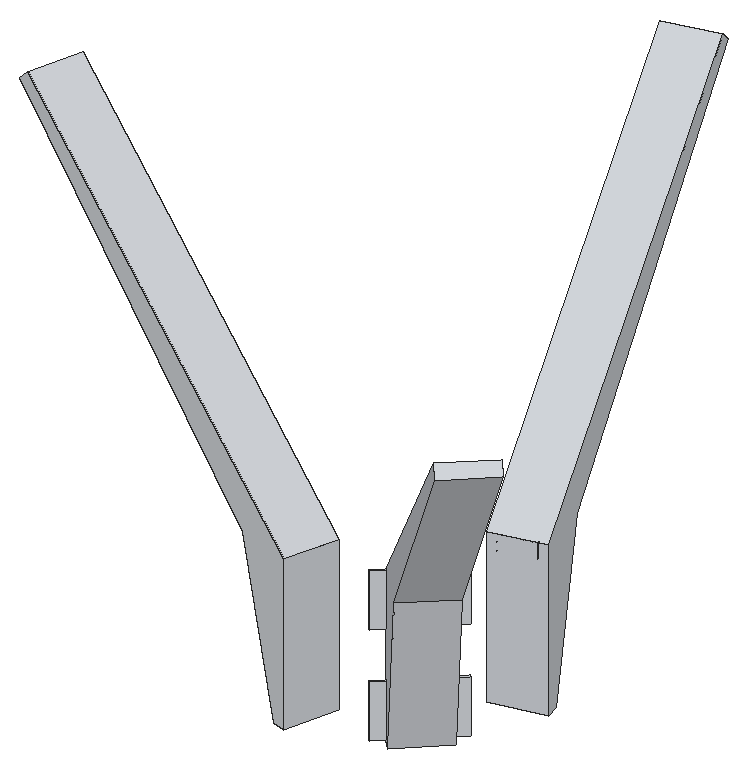
Revit family "Сборка насадок угол 120", category Специальное оборудование, Revit 2019
Family settings
  Размер круглого соединителя = Использовать диаметр
  Тип детали = Нормальный
  На основе рабочей плоскости = Нет
  Всегда вертикально = Да
  При загрузке вырезать с полостями = Нет
  Общий = Да
  Точка расчета площади = Нет
Parameters (values of type "На столбы 40x60")
  Ширина столба = 40 mm
  Центр насадки = Ширина столба / 2  # 20 mm
  Тип крепления насадок к столбам [instance] = 0
  Наружные насадки [instance] = yes
  Инструкция [instance] = "https://docs.google.com/document/d/1YU2zMc4EH5Wo240p8cADVhto8tMNmUbVgzn2qTnmTt8/edit?usp=sharing"
  Группа модели = "Насадки"  # constant formula
  Глубина столба = 60 mm
  ADSK_Наименование = "Сборка - угловые насадки"  # constant formula
Types (4, lengths in mm): name | Ширина столба | Центр насадки | Глубина столба
  На столбы 40x60 | 40 | 20 | 60
  На столбы 60x60 | 60 | 30 | 60
  На столбы 60x80 | 60 | 30 | 80
  На столбы 80x80 | 80 | 40 | 80
Reference planes
  plane 1 "По центру (Вперед/Назад)": y = 0
  plane 2: z = 0
  plane 3 "По центру (Влево/Вправо)": x = 0
  plane 4: z = 0
  plane 5: through (11.696, 108.597, 1200) normal (0.9659, 0.2588, 0)
  plane 6: through (-7.174, -38.872, 1200) normal (-0.2588, -0.9659, 0)
  plane 7: through (50.333, 118.949, 1200) normal (0.9659, 0.2588, 0)
  plane 8: through (5.76, 25.096, 1200) normal (-0.2588, 0.9659, 0)
  plane 9: through (-17.527, -77.509, 1200) normal (-0.2588, -0.9659, 0)
  plane 10: through (-25.096, -5.76, 1200) normal (0.9659, -0.2588, 0)
  plane 11: through (-9.769, 83.052, 1200) normal (-0.2588, 0.9659, 0)
  plane 12: through (-83.052, 9.769, 1200) normal (0.9659, -0.2588, 0)
Dimensions and locks
  "Ширина столба": plane 9 to plane 6
  "Глубина столба": plane 8 to plane 11
  "Ширина столба": plane 5 to plane 7
  "Центр насадки": plane 5 to nested 1
  "Центр насадки": plane 9 to nested 2
  "Центр насадки": nested 14 to plane 5
  "Глубина столба": plane 12 to plane 10
  angle nested 1 to nested 2 = 60.00°
  aligned and locked: level to plane 2
  aligned and locked: nested 4 to nested 2
  aligned and locked: nested 5 to nested 1
  aligned and locked: nested 5 to nested 8  (x2)
  aligned and locked: nested 8 to nested 9  (x2)
  aligned and locked: nested 4 to nested 7
  aligned and locked: nested 6 to nested 7  (x2)
  aligned and locked: nested 7 to nested 15
  aligned and locked: nested 8 to nested 14
  aligned and locked: nested 14 to nested 8  (x2)
  aligned and locked: nested 1 to plane 11
  aligned and locked: plane 12 to nested 2
  aligned and locked: plane 12 to nested 15
  aligned and locked: nested 14 to plane 11
  aligned and locked: nested 5 to plane 11
  aligned and locked: nested 9 to nested 8
  aligned and locked: nested 7 to nested 2
  aligned and locked: nested 15 to nested 2
Nested families
  nested 1: "В_Насадка L" at (35.963, 95.305, -175) x (0.9659, 0.2588, 0) z (0, 0, 1), visible <- "Наружные насадки", ADSK_Комплект <- "Группа модели", type "Насадка"
    with Насадка L ус 510 yes, ADSK_Обозначение "", ADSK_Наименование "Насадка L ус 510", ADSK_Масса 1.17, ADSK_Комплект "Насадки", ADSK_Код изделия "8928", ADSK_Завод-изготовитель "FENSYS", ADSK_Единица измерения "шт."
  nested 2: "В_Насадка L" at (-95.305, -35.963, -175) x (0.2588, 0.9659, 0) z (0, 0, 1), visible <- "Наружные насадки", ADSK_Комплект <- "Группа модели", type "Насадка"
    with Насадка L ус 510 yes, ADSK_Обозначение "", ADSK_Наименование "Насадка L ус 510", ADSK_Масса 1.17, ADSK_Комплект "Насадки", ADSK_Код изделия "8928", ADSK_Завод-изготовитель "FENSYS", ADSK_Единица измерения "шт."
  nested 3: "В_Угловая скоба" at (0.707, -0.707, 0) x (0.7071, 0.7071, 0) z (0, 0, 1), ADSK_Комплект <- "Группа модели", type "Угловая скоба"
    with S 91 mm, ADSK_Комплект "Насадки"
  nested 4: "В_Крепеж" at (-97.72, -35.316, -4.311) x (-0.2588, -0.9659, 0) z (0, 0, 1), Тип крепежа <- "Тип крепления насадок к столбам", visible <- "Наружные насадки", ADSK_Комплект <- "Группа модели", type "Крепеж"
    with Ширина столба 0 mm, Тип крепежа 0, Путь к таблице "Таблица крепежей", Видимость метизов yes, Y насадка no, ADSK_Обозначение "Крепеж", ADSK_Наименование "Хомут специальный 80", ADSK_Комплект "Насадки", ADSK_Количество 1, ADSK_Код изделия "15515К"
  nested 5: "В_Крепеж" at (35.316, 97.72, -4.311) x (-0.9659, -0.2588, 0) z (0, 0, 1), Тип крепежа <- "Тип крепления насадок к столбам", visible <- "Наружные насадки", ADSK_Комплект <- "Группа модели", type "Крепеж"
    with Ширина столба 0 mm, Тип крепежа 0, Путь к таблице "Таблица крепежей", Видимость метизов yes, Y насадка no, ADSK_Обозначение "Крепеж", ADSK_Наименование "Хомут специальный 80", ADSK_Комплект "Насадки", ADSK_Количество 1, ADSK_Код изделия "15515К"
  nested 6: "В_Крепеж" at (-107.379, -32.727, -4.311) x (-0.2588, -0.9659, 0) z (0, 0, 1), visible <- "Наружные насадки", ADSK_Комплект <- "Группа модели", type "Крепеж"
    with Ширина столба 0 mm, Тип крепежа 5, Путь к таблице "Таблица крепежей", Видимость метизов no, Y насадка no, ADSK_Обозначение "Крепеж", ADSK_Наименование "Комплект крепления СББ/ПББ к насадке (Болт М6х25 DIN 933 оц - 4 шт., Зажим для крепления струны/проволоки - 4 шт., Шайба D6 DIN 125 оц. - 8 шт.,  Гайка М6 кл.8.0 DIN 934 оц. - 4 шт.)", ADSK_Комплект "Насадки", ADSK_Количество 1, ADSK_Код изделия "8927"
  nested 7: "В_Крепеж" at (-102.55, -34.022, -4.311) x (-0.2588, -0.9659, 0) z (0, 0, 1), visible <- "Наружные насадки", ADSK_Комплект <- "Группа модели", type "Крепеж"
    with Ширина столба 0 mm, Тип крепежа 5, Путь к таблице "Таблица крепежей", Видимость метизов no, Y насадка no, ADSK_Обозначение "Крепеж", ADSK_Наименование "Комплект крепления СББ/ПББ к насадке (Болт М6х25 DIN 933 оц - 4 шт., Зажим для крепления струны/проволоки - 4 шт., Шайба D6 DIN 125 оц. - 8 шт.,  Гайка М6 кл.8.0 DIN 934 оц. - 4 шт.)", ADSK_Комплект "Насадки", ADSK_Количество 1, ADSK_Код изделия "8927"
  nested 8: "В_Крепеж" at (34.022, 102.55, -4.311) x (-0.9659, -0.2588, 0) z (0, 0, 1), visible <- "Наружные насадки", ADSK_Комплект <- "Группа модели", type "Крепеж"
    with Ширина столба 0 mm, Тип крепежа 5, Путь к таблице "Таблица крепежей", Видимость метизов no, Y насадка no, ADSK_Обозначение "Крепеж", ADSK_Наименование "Комплект крепления СББ/ПББ к насадке (Болт М6х25 DIN 933 оц - 4 шт., Зажим для крепления струны/проволоки - 4 шт., Шайба D6 DIN 125 оц. - 8 шт.,  Гайка М6 кл.8.0 DIN 934 оц. - 4 шт.)", ADSK_Комплект "Насадки", ADSK_Количество 1, ADSK_Код изделия "8927"
  nested 9: "В_Крепеж" at (32.727, 107.379, -4.311) x (-0.9659, -0.2588, 0) z (0, 0, 1), visible <- "Наружные насадки", ADSK_Комплект <- "Группа модели", type "Крепеж"
    with Ширина столба 0 mm, Тип крепежа 5, Путь к таблице "Таблица крепежей", Видимость метизов no, Y насадка no, ADSK_Обозначение "Крепеж", ADSK_Наименование "Комплект крепления СББ/ПББ к насадке (Болт М6х25 DIN 933 оц - 4 шт., Зажим для крепления струны/проволоки - 4 шт., Шайба D6 DIN 125 оц. - 8 шт.,  Гайка М6 кл.8.0 DIN 934 оц. - 4 шт.)", ADSK_Комплект "Насадки", ADSK_Количество 1, ADSK_Код изделия "8927"
  nested 10: "В_Насадка L" at (1.414, -1.414, -175) x (-0.7071, -0.7071, 0) z (0, 0, 1), ADSK_Комплект <- "Группа модели", type "Насадка"
    with Насадка L ус 510 yes, ADSK_Обозначение "", ADSK_Наименование "Насадка L ус 510", ADSK_Масса 1.17, ADSK_Комплект "Насадки", ADSK_Код изделия "8928", ADSK_Завод-изготовитель "FENSYS", ADSK_Единица измерения "шт."
  nested 11: "В_Крепеж" at (10.253, -10.253, -4.311) x (-0.7071, -0.7071, 0) z (0, 0, 1), ADSK_Комплект <- "Группа модели", type "Крепеж"
    with Ширина столба 0 mm, Тип крепежа 5, Путь к таблице "Таблица крепежей", Видимость метизов no, Y насадка no, ADSK_Обозначение "Крепеж", ADSK_Наименование "Комплект крепления СББ/ПББ к насадке (Болт М6х25 DIN 933 оц - 4 шт., Зажим для крепления струны/проволоки - 4 шт., Шайба D6 DIN 125 оц. - 8 шт.,  Гайка М6 кл.8.0 DIN 934 оц. - 4 шт.)", ADSK_Комплект "Насадки", ADSK_Количество 1, ADSK_Код изделия "8927"
  nested 12: "В_Крепеж" at (6.718, -6.718, -4.311) x (-0.7071, -0.7071, 0) z (0, 0, 1), ADSK_Комплект <- "Группа модели", type "Крепеж"
    with Ширина столба 0 mm, Тип крепежа 5, Путь к таблице "Таблица крепежей", Видимость метизов no, Y насадка no, ADSK_Обозначение "Крепеж", ADSK_Наименование "Комплект крепления СББ/ПББ к насадке (Болт М6х25 DIN 933 оц - 4 шт., Зажим для крепления струны/проволоки - 4 шт., Шайба D6 DIN 125 оц. - 8 шт.,  Гайка М6 кл.8.0 DIN 934 оц. - 4 шт.)", ADSK_Комплект "Насадки", ADSK_Количество 1, ADSK_Код изделия "8927"
  nested 13: "В_Метизы" at (-3.035, -3.035, 0) x (0.7071, 0.7071, 0) z (0, 0, 1), ADSK_Комплект <- "Группа модели", type "Метизы"
    with Тип крепежа 6, Путь к таблице "Таблица метизов", ADSK_Наименование "ГАЙКА M8 DIN 934 оц. - 4 шт.", ADSK_Комплект "Насадки", ADSK_Количество 1, ADSK_Код изделия "3562"
  nested 14: "В_Крепеж" at (35.316, 97.72, -12.934) x (-0.9659, -0.2588, 0) z (0, 0, 1), Тип крепежа <- "Тип крепления насадок к столбам", visible <- "Наружные насадки", ADSK_Комплект <- "Группа модели", type "Крепеж"
    with Ширина столба 0 mm, Тип крепежа 0, Путь к таблице "Таблица крепежей", Видимость метизов yes, Y насадка no, ADSK_Обозначение "Крепеж", ADSK_Наименование "Хомут специальный 80", ADSK_Комплект "Насадки", ADSK_Количество 1, ADSK_Код изделия "15515К"
  nested 15: "В_Крепеж" at (-97.72, -35.316, -12.934) x (-0.2588, -0.9659, 0) z (0, 0, 1), Тип крепежа <- "Тип крепления насадок к столбам", visible <- "Наружные насадки", ADSK_Комплект <- "Группа модели", type "Крепеж"
    with Ширина столба 0 mm, Тип крепежа 0, Путь к таблице "Таблица крепежей", Видимость метизов yes, Y насадка no, ADSK_Обозначение "Крепеж", ADSK_Наименование "Хомут специальный 80", ADSK_Комплект "Насадки", ADSK_Количество 1, ADSK_Код изделия "15515К"
  nested 16: "В_Угловая скоба" at (0.707, -0.707, -114.266) x (0.7071, 0.7071, 0) z (0, 0, 1), ADSK_Комплект <- "Группа модели", type "Угловая скоба"
    with S 91 mm, ADSK_Комплект "Насадки"
  nested 17: "В_Метизы" at (-3.767, -3.767, 0) x (0.7071, 0.7071, 0) z (0, 0, 1), ADSK_Комплект <- "Группа модели", type "Метизы"
    with Тип крепежа 2, Путь к таблице "Таблица метизов", ADSK_Наименование "Комплект метизов «В» для крепления скобы из нержавеющей стали (Винт М8х30 ISO 7380 А2   - 4 шт., Шайба D8 DIN 125 А2-70 - 4 шт.,Шайба 8 DIN 127 нерж.)", ADSK_Комплект "Насадки", ADSK_Количество 1, ADSK_Код изделия "8923"
  nested 18: "В_Метизы" at (-4.189, -4.189, 0) x (0.7071, 0.7071, 0) z (0, 0, 1), ADSK_Комплект <- "Группа модели", type "Метизы"
    with Тип крепежа 6, Путь к таблице "Таблица метизов", ADSK_Наименование "ГАЙКА M8 DIN 934 оц. - 4 шт.", ADSK_Комплект "Насадки", ADSK_Количество 1, ADSK_Код изделия "3562"
  nested 19: "В_Метизы" at (-8.36, -8.36, 0) x (0.7071, 0.7071, 0) z (0, 0, 1), ADSK_Комплект <- "Группа модели", type "Метизы"
    with Тип крепежа 2, Путь к таблице "Таблица метизов", ADSK_Наименование "Комплект метизов «В» для крепления скобы из нержавеющей стали (Винт М8х30 ISO 7380 А2   - 4 шт., Шайба D8 DIN 125 А2-70 - 4 шт.,Шайба 8 DIN 127 нерж.)", ADSK_Комплект "Насадки", ADSK_Количество 1, ADSK_Код изделия "8923"
  nested 20: "В_Метизы" at (-102.896, -54.634, -4.311) x (-0.2588, -0.9659, 0) z (0, 0, 1), type "Метизы"
    with Тип крепежа 0, Путь к таблице "Таблица метизов", ADSK_Наименование "Комплект крепежных элементов для хомута", ADSK_Комплект "Насадки", ADSK_Количество 1, ADSK_Код изделия "8920"
  nested 21: "В_Метизы" at (15.997, 92.544, -4.311) x (-0.9659, -0.2588, 0) z (0, 0, 1), type "Метизы"
    with Тип крепежа 0, Путь к таблице "Таблица метизов", ADSK_Наименование "Комплект крепежных элементов для хомута", ADSK_Комплект "Насадки", ADSK_Количество 1, ADSK_Код изделия "8920"
  nested 22: "В_Метизы" at (15.997, 92.544, -12.934) x (-0.9659, -0.2588, 0) z (0, 0, 1), type "Метизы"
    with Тип крепежа 0, Путь к таблице "Таблица метизов", ADSK_Наименование "Комплект крепежных элементов для хомута", ADSK_Комплект "Насадки", ADSK_Количество 1, ADSK_Код изделия "8920"
  nested 23: "В_Метизы" at (-102.896, -54.634, -12.934) x (-0.2588, -0.9659, 0) z (0, 0, 1), type "Метизы"
    with Тип крепежа 0, Путь к таблице "Таблица метизов", ADSK_Наименование "Комплект крепежных элементов для хомута", ADSK_Комплект "Насадки", ADSK_Количество 1, ADSK_Код изделия "8920"
Definition of nested family "В_Насадка L"
  Parameters (values of type "Насадка")
    Насадка L ус 510 [instance] = no
    URL = "https://www.fensys.ru/produkciya/elementy-usileniya.html"
    ADSK_Обозначение [instance] = ""
    ADSK_Наименование [instance] = if(Насадка L ус 510, "Насадка L ус 510", "Насадка L ус 325")  # "Насадка L ус 325"
    ADSK_Масса [instance] = if(Насадка L ус 510, 1.17, 0.82)  # 0.82
    ADSK_Комплект [instance] = ""
    ADSK_Количество = 1
    ADSK_Код изделия [instance] = if(Насадка L ус 510, "8928", "8938")  # "8938"
    ADSK_Завод-изготовитель [instance] = "FENSYS"  # constant formula
    ADSK_Единица измерения [instance] = "шт."  # constant formula
  Reference planes
    plane 1 "По центру (Вперед/Назад)": y = 0
    plane 2: z = 0
    plane 3 "По центру (Влево/Вправо)": x = 0
  Forms (mm)
    Extrusion 1, solid
      sketch origin (0, 0, 0) x (0, 1, 0) y (0, 0, 1)
        loop
          line (0, 0) -> (15, 0) -> (61.891, 175) -> (398.002, 488.686) -> (386.689, 500) -> (0, 175) -> (0, 0)
      from -30.5 to 30.5
  Dimensions and locks
    Extrusion 1 sketch curve to Extrusion 1 sketch curve = 175 mm
    Extrusion 1 sketch curve to Extrusion 1 sketch curve = 15 mm
    equal spacing: Extrusion 1, plane 3 "По центру (Влево/Вправо)", Extrusion 1
    locked: Extrusion 1 to Extrusion 1 at 61
    aligned and locked: level to plane 2
    aligned and locked: plane 1 "По центру (Вперед/Назад)" to Extrusion 1  (x2)
    aligned and locked: Extrusion 1 to level
  Automatic sketch dimensions
    Extrusion 1 sketch curve to plane 1 "По центру (Вперед/Назад)" = 0 mm
    Extrusion 1 sketch curve to level = 0 mm
    Extrusion 1 sketch curve to plane 1 "По центру (Вперед/Назад)" = 61.891 mm
    Extrusion 1 sketch curve to Extrusion 1 sketch curve = 0 mm
    Extrusion 1 sketch curve to Extrusion 1 sketch curve = 325 mm
    Extrusion 1 sketch curve to Extrusion 1 sketch curve = 11.314 mm  (x2)
    Extrusion 1 sketch curve to plane 1 "По центру (Вперед/Назад)" = 386.689 mm
Definition of nested family "В_Угловая скоба"
  Parameters (values of type "Угловая скоба")
    Model = ""
    S [instance] = 83 mm
    ADSK_Обозначение = "Крепеж окрашеный"  # constant formula
    ADSK_Наименование = "Скоба угловая для крепления насадки"  # constant formula
    ADSK_Комплект [instance] = ""
    ADSK_Количество = 1
    ADSK_Код изделия = "15293"  # constant formula
    ADSK_Завод-изготовитель = "FENSYS"  # constant formula
    ADSK_Единица измерения = "шт."  # constant formula
  Reference planes
    plane 1 "По центру (Вперед/Назад)": y = 0
    plane 2: z = 0
    plane 3 "По центру (Влево/Вправо)": x = 0
  Forms (mm)
    Extrusion 1, solid
      sketch origin (0, 0, 0) x (1, 0, 0) y (0, 1, 0)
        loop
          line (-41.5, 1) -> (-41.5, -1) -> (41.5, -1) -> (41.5, 1) -> (-41.5, 1)
      from -60.734 to 0
  Dimensions and locks
    equal spacing: Extrusion 1, plane 3 "По центру (Влево/Вправо)", Extrusion 1
    "S": Extrusion 1 to Extrusion 1
    aligned and locked: level to plane 2
  Automatic sketch dimensions
    Extrusion 1 sketch curve to plane 1 "По центру (Вперед/Назад)" = 1 mm
    Extrusion 1 sketch curve to plane 3 "По центру (Влево/Вправо)" = 41.5 mm
    plane 3 "По центру (Влево/Вправо)" to Extrusion 1 sketch curve = 41.5 mm
    plane 1 "По центру (Вперед/Назад)" to Extrusion 1 sketch curve = 1 mm
Definition of nested family "В_Крепеж"
  Parameters (values of type "Крепеж")
    Ширина столба [instance] = 0 mm
    Тип крепежа [instance] = 0
    Путь к таблице [instance] = "Таблица крепежей"  # constant formula
    Manufacturer = [ADSK_Завод-изготовитель]  # "FENSYS"
    Model = ""
    Видимость метизов [instance] = not(Тип крепежа = 5)  # yes
    Y насадка [instance] = yes
    URL = "https://www.fensys.ru/produkciya/krepyozh.html"
    ADSK_Обозначение [instance] = "Крепеж"  # constant formula
    ADSK_Наименование [instance] = size_lookup(Путь к таблице, "", "Не найдено", Тип крепежа)  # "Хомут специальный 80"
    ADSK_Комплект [instance] = ""
    ADSK_Количество [instance] = 1  # constant formula
    ADSK_Код изделия [instance] = size_lookup(Путь к таблице, "ADSK_Код изделия", "Не найдено", Тип крепежа)  # "15515К"
    ADSK_Завод-изготовитель = "FENSYS"  # constant formula
    ADSK_Единица измерения = "шт."  # constant formula
  Reference planes
    plane 1 "По центру (Вперед/Назад)": y = 0
    plane 2: z = 0
    plane 3 "По центру (Влево/Вправо)": x = 0
    plane 4: z = 0
  Forms (mm)
    Extrusion 1, solid
      sketch origin (0, -3, 0) x (1, 0, 0) y (0, 1, 0)
        loop
          line (-20, 5.5) -> (-20, 0.5) -> (20, 0.5) -> (20, 5.5) -> (-20, 5.5)
      from -4.311 to 4.311
  Dimensions and locks
    locked: Extrusion 1 sketch curve to Extrusion 1 sketch curve at 5
    locked: Extrusion 1 sketch curve to Extrusion 1 sketch curve at 40
    aligned and locked: level to plane 2
  Nested families
    nested 1: "В_Метизы" at (20, 0, 0), Тип крепежа <- "Тип крепежа", ADSK_Комплект <- "ADSK_Комплект", visible <- "Видимость метизов", type "Метизы"
      with Тип крепежа 0, Путь к таблице "Таблица метизов", ADSK_Наименование "Комплект крепежных элементов для хомута", ADSK_Комплект "", ADSK_Количество 1, ADSK_Код изделия "8920"
    nested 2: "В_Метизы" at (-20, 0, 0), visible <- "Y насадка", Тип крепежа <- "Тип крепежа", ADSK_Комплект <- "ADSK_Комплект", type "Метизы"
      with Тип крепежа 0, Путь к таблице "Таблица метизов", ADSK_Наименование "Комплект крепежных элементов для хомута", ADSK_Комплект "", ADSK_Количество 1, ADSK_Код изделия "8920"
  Definition of nested family "В_Метизы"
    Parameters (values of type "Метизы")
      Тип крепежа [instance] = 1
      Путь к таблице [instance] = "Таблица метизов"  # constant formula
      Manufacturer = [ADSK_Завод-изготовитель]  # "FENSYS"
      URL = "https://www.fensys.ru/produkciya/krepyozh.html"
      ADSK_Наименование [instance] = size_lookup(Путь к таблице, "", "Не найдено", Тип крепежа)  # "Комплект метизов «В» для крепления скобы F24 (Винт М6х30 ISO 7380 А2 - 4 шт., Шайба D6 DIN 125 А2 - 4 шт.,Шайба 6 DIN 127 А2 - 4 шт.)"
      ADSK_Комплект [instance] = "Ограждение"
      ADSK_Количество [instance] = 1  # constant formula
      ADSK_Код изделия [instance] = size_lookup(Путь к таблице, "ADSK_Код изделия", "Не найдено", Тип крепежа)  # "8932"
      ADSK_Завод-изготовитель = "FENSYS"  # constant formula
      ADSK_Единица измерения = "шт."  # constant formula
    Reference planes
      plane 1 "По центру (Вперед/Назад)": y = 0
      plane 2: z = 0
      plane 3 "По центру (Влево/Вправо)": x = 0
      plane 4: z = 0
    Lines and regions (mm)
      reference lines
        curve 1: circle (0, 0, 0) r 0.299 normal (0, -1, 0)
      model lines
        curve 2: circle (0, 0, 0) r 0.3 normal (0, -1, 0)
    Dimensions and locks
      aligned and locked: level to plane 2
Definition of nested family "В_Метизы"
  Parameters (values of type "Метизы")
    Тип крепежа [instance] = 1
    Путь к таблице [instance] = "Таблица метизов"  # constant formula
    Manufacturer = [ADSK_Завод-изготовитель]  # "FENSYS"
    URL = "https://www.fensys.ru/produkciya/krepyozh.html"
    ADSK_Наименование [instance] = size_lookup(Путь к таблице, "", "Не найдено", Тип крепежа)  # "Комплект метизов «В» для крепления скобы F24 (Винт М6х30 ISO 7380 А2 - 4 шт., Шайба D6 DIN 125 А2 - 4 шт.,Шайба 6 DIN 127 А2 - 4 шт.)"
    ADSK_Комплект [instance] = "Ограждение"
    ADSK_Количество [instance] = 1  # constant formula
    ADSK_Код изделия [instance] = size_lookup(Путь к таблице, "ADSK_Код изделия", "Не найдено", Тип крепежа)  # "8932"
    ADSK_Завод-изготовитель = "FENSYS"  # constant formula
    ADSK_Единица измерения = "шт."  # constant formula
  Reference planes
    plane 1 "По центру (Вперед/Назад)": y = 0
    plane 2: z = 0
    plane 3 "По центру (Влево/Вправо)": x = 0
    plane 4: z = 0
  Lines and regions (mm)
    reference lines
      curve 1: circle (0, 0, 0) r 0.299 normal (0, -1, 0)
    model lines
      curve 2: circle (0, 0, 0) r 0.3 normal (0, -1, 0)
  Dimensions and locks
    aligned and locked: level to plane 2
